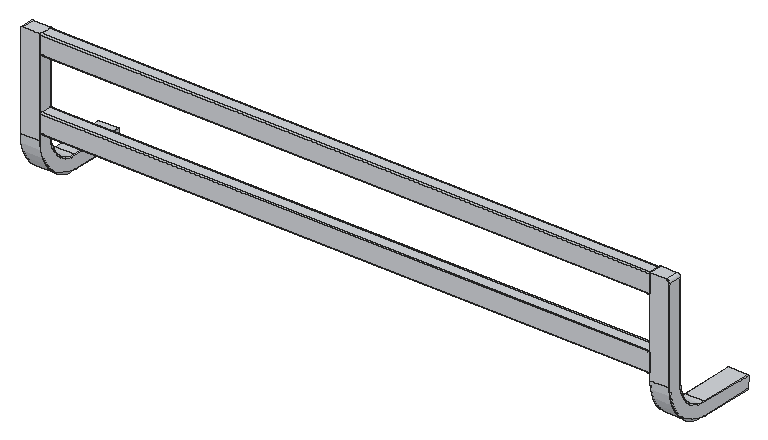
Revit family "Accessory-Towel_Bar-KOHLER-Loure-K-11582T_1", category Specialty Equipment, host Face, Revit 2021
Family settings
  Host = Face
  Round Connector Dimension = Use Diameter
  Part Type = Normal
  OmniClass Number = 23.31.25.25
  OmniClass Title = Towel Bars
  Cut with Voids When Loaded = No
  Shared = No
  Room Calculation Point = No
Parameters (values of type "CP-Polished Chrome")
  Width = 5 3/8"  # constant formula
  WaterSense Certified = 1 = 0  # no
  URL = "http://www.kohler.com.cn/"
  Type = 4
  Product Page URL = "http://www.kohler.com.cn/product/K-11582T-CP/K-11582T-CP/"
  Product Name = "Loure"  # constant formula
  Product Documentation Link = "https://files.kohler.com.cn/pdfs/loure_acc_ins.pdf"
  Model = if(Type = 1, "K-11582T-2BL", if(Type = 2, "K-11582T-BL", if(Type = 3, "K-11582T-BV", if(Type = 4, "K-11582T-CP", "NA"))))  # "K-11582T-CP"
  Material = "Premium Metal Construction"  # constant formula
  Master Format 2014 Name = "Toilet, Bath, and Laundry Accessories"  # constant formula
  Master Format 2014 = "10 28 00"  # constant formula
  Manufacturer Address = "Kohler Beijing Office (100016) 36-2-03-B, No. 88, Liuxiang Road, Beijing"  # constant formula
  Manufacturer = "Kohler Co."  # constant formula
  Length = 24 3/4"  # constant formula
  Height = 3 3/4"  # constant formula
  Finish = Kohler-Metal-CP-Polished_Chrome
  Environmental Product Declaration = ""
  Description = "24 Inch Double Towel Bar"  # constant formula
  Default Elevation = 42"
  Declare Label = ""
  Date Modified = "10/21/2022"  # constant formula
  Date Created = "06/08/2020"  # constant formula
  Copyright = "Copyright Kohler Co."  # constant formula
  Contact Us = "http://www.kohler.com.cn/contact/contact-us/"
  Assembly Code = "C1030200"
  ADA Compliant = 1 = 0  # no
Types (5): name | Type | Product Page URL | Model | Finish
  (no name) | 4 | "http://www.kohler.com.cn/product/K-11582T-CP/K-11582T-CP/" | "K-11582T-CP" | Kohler-Metal-CP-Polished_Chrome
  CP-Polished Chrome | 4 | "http://www.kohler.com.cn/product/K-11582T-CP/K-11582T-CP/" | "K-11582T-CP" | Kohler-Metal-CP-Polished_Chrome
  2BL-Black | 1 | "http://www.kohler.com.cn/product/K-11582T-CP/K-11582T-2BL/" | "K-11582T-2BL" | KOHLER-Metal-2BL-Black
  BL-Matte Black | 2 | "" | "K-11582T-BL" | Kohler-Metal-BL-Matte_Black
  BV-Brushed Bronze | 3 | "" | "K-11582T-BV" | Kohler-Metal-BV-Brushed_Bronze
Reference planes (in)
  plane 1 "Center (Front/Back)": y = 0
  plane 2: z = 0
  plane 3 "Center (Left/Right)": x = 0
  plane 4: x = -12
  plane 5: x = -11.60737
  plane 6: x = -12.37479
  plane 7: x = 12
  plane 8: x = 11.60737
  plane 9: x = 12.37521
  plane 10: y = 3.75
  plane 11: z = 5.375
  plane 12: z = 2.68012
  plane 13: z = 4.625
  plane 14: z = 1.93012
  plane 15: y = 0.5
Dimensions and locks (in)
  "Height": plane 1 "Center (Front/Back)" to plane 10
  plane 4 to plane 7 = 24"
  "Length": plane 6 to plane 9
  "Width": plane 11 to level
  aligned and locked: plane 2 to host face
  aligned and locked: level to host face
  aligned and locked: nested 1 to plane 10
  aligned and locked: plane 3 "Center (Left/Right)" to nested 1
Automatic sketch dimensions
  host sketch curve to host sketch curve = 96"  (x2)
Nested families (in)
  nested 1: "K-11582T" at (0, 0, 0), type "K-11582T"
Definition of nested family "K-11582T"
  Parameters (values of type "K-11582T")
    Material = none
    Length = 24.74958"
    Default Elevation = 0"
  Reference planes (in)
    plane 1 "Center (Front/Back)": y = 0
    plane 2: z = 0
    plane 3 "Center (Left/Right)": x = 0
    plane 4: z = 5.375
    plane 5: x = -12
    plane 6: x = 12
    plane 7: y = 3.75
    plane 8: x = -12.37479
    plane 9: x = 12.37479
    plane 10: x = -11.60737
    plane 11: x = 11.60737
    plane 12: z = 0.50394
  Forms (in)
    Sweep 1, solid, material <- "Material", detail levels medium+fine
      path origin (0, 0, 0) x (0, 1, 0) y (0, 0, 1)
        loop
          line (3.75, 0.25197) -> (1.69291, 0.25197)
          arc (1.69291, 0.25197) -> (0.67401, 0.67401) -> (0.25197, 1.69291) r 1.44094
          line (0.25197, 1.69291) -> (0.25197, 5.375)
      profile origin (0, 2.72146, 0.25197) x (0, 0, -1) y (1, 0, 0)
        loop
          line (-0.25195, -11.62817) -> (-0.25195, -12.35439)
          arc (-0.25195, -12.35439) -> (-0.24598, -12.36881) -> (-0.23155, -12.37479) r 0.0204
          line (-0.23155, -12.37479) -> (0.23138, -12.37479)
          arc (0.23138, -12.37479) -> (0.24594, -12.36876) -> (0.25197, -12.3542) r 0.02059
          line (0.25197, -12.3542) -> (0.25197, -11.6273)
          arc (0.25197, -11.6273) -> (0.24613, -11.61321) -> (0.23203, -11.60737) r 0.01994
          line (0.23203, -11.60737) -> (-0.23115, -11.60737)
          arc (-0.23115, -11.60737) -> (-0.24586, -11.61346) -> (-0.25195, -11.62817) r 0.0208
    Extrusion 2, void
      sketch origin (0.03793, 0, -0.0187) x (1, 0, 0) y (0, 0, 1)
        loop
          line (-12.29565, 5.3937) -> (-12.29565, 5.47754) -> (-12.52025, 5.47754) -> (-12.52025, 5.27663) -> (-12.41272, 5.27663)
          arc (-12.41272, 5.27663) -> (-12.37843, 5.35941) -> (-12.29565, 5.3937) r 0.11707
      from -0.5823 to 0.0472
    Sweep 3, solid, material <- "Material", detail levels medium+fine
      path origin (0, 0, 0) x (1, 0, 0) y (0, 1, 0)
        loop
          line (-11.60728, 0.25156) -> (11.60728, 0.25156)
      profile origin (0, 0.25156, 0) x (0, 1, 0) y (0, 0, 1)
        loop
          arc (0.21844, 4.625) -> (0.23965, 4.63379) -> (0.24844, 4.655) r 0.03
          line (0.24844, 4.655) -> (0.24844, 5.345)
          arc (0.24844, 5.345) -> (0.23965, 5.36621) -> (0.21844, 5.375) r 0.03
          line (0.21844, 5.375) -> (-0.22156, 5.375)
          arc (-0.22156, 5.375) -> (-0.24277, 5.36621) -> (-0.25156, 5.345) r 0.03
          line (-0.25156, 5.345) -> (-0.25156, 4.655)
          arc (-0.25156, 4.655) -> (-0.24277, 4.63379) -> (-0.22156, 4.625) r 0.03
          line (-0.22156, 4.625) -> (0.21844, 4.625)
    Sweep 4, solid, material <- "Material", detail levels medium+fine
      path origin (12.00437, 0, 0) x (0, 0, -1) y (0, -1, 0)
        loop
          line (-0.25197, -3.75) -> (-0.25197, -1.69291)
          arc (-0.25197, -1.69291) -> (-0.67401, -0.67401) -> (-1.69291, -0.25197) r 1.44094
          line (-1.69291, -0.25197) -> (-5.375, -0.25197)
      profile origin (12.00437, 2.72146, 0.25197) x (0, 0, -1) y (1, 0, 0)
        loop
          arc (-0.25197, -0.37668) -> (-0.24599, -0.3911) -> (-0.23157, -0.39708) r 0.0204
          line (-0.23157, -0.39708) -> (0.23209, -0.39708)
          arc (0.23209, -0.39708) -> (0.24613, -0.39126) -> (0.25195, -0.37722) r 0.01986
          line (0.25195, -0.37722) -> (0.25195, 0.35082)
          arc (0.25195, 0.35082) -> (0.24621, 0.36468) -> (0.23235, 0.37042) r 0.0196
          line (0.23235, 0.37042) -> (-0.2319, 0.37042)
          arc (-0.2319, 0.37042) -> (-0.24609, 0.36454) -> (-0.25197, 0.35035) r 0.02007
          line (-0.25197, 0.35035) -> (-0.25197, -0.37668)
    Extrusion 5, void
      sketch origin (-0.03793, 0, -0.0187) x (1, 0, 0) y (0, 0, 1)
        loop
          line (12.41272, 5.27608) -> (12.52138, 5.27608) -> (12.52138, 5.49718) -> (12.29509, 5.49718) -> (12.29509, 5.3937)
          arc (12.29509, 5.3937) -> (12.37827, 5.35925) -> (12.41272, 5.27608) r 0.11762
      from -0.60909 to 0.17111
    Sweep 6, solid, material <- "Material", detail levels medium+fine
      path origin (0, 0, -2.71358) x (1, 0, 0) y (0, 1, 0)
        loop
          line (-11.60728, 0.25156) -> (11.60728, 0.25156)
      profile origin (0, 0.25156, -2.71358) x (0, 1, 0) y (0, 0, 1)
        loop
          arc (0.21844, 4.6437) -> (0.23965, 4.65249) -> (0.24844, 4.6737) r 0.03
          line (0.24844, 4.6737) -> (0.24844, 5.3637)
          arc (0.24844, 5.3637) -> (0.23965, 5.38491) -> (0.21844, 5.3937) r 0.03
          line (0.21844, 5.3937) -> (-0.22156, 5.3937)
          arc (-0.22156, 5.3937) -> (-0.24277, 5.38491) -> (-0.25156, 5.3637) r 0.03
          line (-0.25156, 5.3637) -> (-0.25156, 4.6737)
          arc (-0.25156, 4.6737) -> (-0.24277, 4.65249) -> (-0.22156, 4.6437) r 0.03
          line (-0.22156, 4.6437) -> (0.21844, 4.6437)
    Sweep 7, solid, material <- "Material", detail levels coarse
      path origin (0, 0, 0) x (0, 1, 0) y (0, 0, 1)
        loop
          line (3.75, 0.25197) -> (0.25197, 0.25197) -> (0.25197, 5.375)
      profile origin (0, 2.00098, 0.25197) x (0, 0, -1) y (1, 0, 0)
        loop
          line (-0.25197, -12.37479) -> (0.25197, -12.37479) -> (0.25197, -11.60749) -> (-0.25197, -11.60749) -> (-0.25197, -12.37479)
        loop
          line (-0.25197, 11.60728) -> (0.25197, 11.60728) -> (0.25197, 12.37479) -> (-0.25197, 12.37479) -> (-0.25197, 11.60728)
    Sweep 8, solid, material <- "Material", detail levels coarse
      path origin (0, 0, 0) x (1, 0, 0) y (0, 1, 0)
        loop
          line (-11.60749, 0.25) -> (11.60728, 0.25)
      profile origin (-0.00011, 0.25, 0) x (0, 1, 0) y (0, 0, 1)
        loop
          line (-0.25, 2.68012) -> (-0.25, 1.93012) -> (0.25, 1.93012) -> (0.25, 2.68012) -> (-0.25, 2.68012)
        loop
          line (0.25, 4.625) -> (0.25, 5.375) -> (-0.25, 5.375) -> (-0.25, 4.625) -> (0.25, 4.625)
  Cuts and joins
    Extrusion 2 cuts Sweep 1
    Extrusion 5 cuts Sweep 4
    joined: Sweep 1, Sweep 4
    joined: Sweep 3, Sweep 6
    joined: Sweep 7, Sweep 8
  Lines and regions (in)
    Masking region 1
      outline origin (0, 0, 0) x (1, 0, 0) y (0, 0, 1)
        loop
          line (-12.37479, 5.25855) -> (-12.37479, 0) -> (-11.60749, 0) -> (-11.60749, 1.93012) -> (11.60728, 1.93012) -> (11.60728, 0) -> (12.37479, 0) -> (12.37479, 5.25855)
          arc (12.37479, 5.25855) -> (12.34068, 5.34089) -> (12.25834, 5.375) r 0.11645
          line (12.25834, 5.375) -> (-12.25834, 5.375)
          arc (-12.25834, 5.375) -> (-12.34068, 5.34089) -> (-12.37479, 5.25855) r 0.11645
        loop
          line (-11.60749, 2.68012) -> (11.60749, 2.68012) -> (11.60749, 4.625) -> (-11.60749, 4.625) -> (-11.60749, 2.68012)
    Masking region 2
      outline origin (0, 0, 0) x (0, 1, 0) y (0, 0, 1)
        loop
          line (3.75, 0) -> (3.75, 0.50394) -> (1.69192, 0.50394)
          arc (1.69192, 0.50394) -> (0.85189, 0.85189) -> (0.50394, 1.69192) r 1.18798
          line (0.50394, 1.69192) -> (0.50394, 5.375) -> (0, 5.375) -> (0, 1.69145)
          arc (0, 1.69145) -> (0.49541, 0.49541) -> (1.69145, 0) r 1.69145
          line (1.69145, 0) -> (3.75, 0)
    Masking region 3
      outline origin (0, 0, 0) x (1, 0, 0) y (0, 1, 0)
        loop
          line (-12.37479, 3.75) -> (-12.37479, 0.02128)
          arc (-12.37479, 0.02128) -> (-12.36856, 0.00623) -> (-12.35351, 0) r 0.02128
          line (-12.35351, 0) -> (12.3545, 0)
          arc (12.3545, 0) -> (12.36885, 0.00594) -> (12.37479, 0.02029) r 0.02029
          line (12.37479, 0.02029) -> (12.37479, 3.75) -> (11.60728, 3.75) -> (11.60728, 0.5) -> (-11.60737, 0.5) -> (-11.60737, 3.75) -> (-12.37479, 3.75)
    symbolic lines, detail levels medium+fine
      curve 1: line (-11.60749, 0, 1.93012) -> (-11.60749, 0, 2.68012)
      curve 2: arc (-11.62769, 0.50394, 0) -> (-11.6134, 0.49802, 0) -> (-11.60747, 0.48372, 0) r 0.02022
      curve 3: line (11.62813, 0.50394, 0) -> (12.35384, 0.50394, 0)
      curve 4: arc (11.62813, 0.50394, 0) -> (11.61339, 0.49783, 0) -> (11.60728, 0.48309, 0) r 0.02084
      curve 5: arc (11.60728, 0.02002, 0) -> (11.61315, 0.00587, 0) -> (11.62731, 0, 0) r 0.02002
      curve 6: line (-11.62769, 0.50394, 0) -> (-12.35423, 0.50394, 0)
      curve 7: line (-11.60747, 0.01788, 0) -> (-11.60747, 0.5001, 0)
      curve 8: arc (-12.37479, 0.48352, 0) -> (-12.36881, 0.49795, 0) -> (-12.35439, 0.50392, 0) r 0.0204
      curve 9: arc (12.35472, 0.50394, 0) -> (12.36891, 0.49806, 0) -> (12.37479, 0.48387, 0) r 0.02007
      curve 10: arc (-11.60747, 0.01788, 0) -> (-11.61395, 0.00513, 0) -> (-11.6273, 0, 0) r 0.01994
      curve 11: line (11.60728, 0.5, 0) -> (11.60728, 0.02002, 0)
      curve 12: line (11.60749, 0, 1.93012) -> (11.60749, 0, 2.68012)
      curve 13: line (-11.60749, 0, 4.625) -> (-11.60749, 0, 5.375)
      curve 14: line (11.60749, 0, 4.625) -> (11.60749, 0, 5.375)
  Dimensions and locks (in)
    plane 4 to plane 2 = 5 3/8"
    plane 7 to plane 1 "Center (Front/Back)" = 3 3/4"
    equal spacing: plane 9, plane 3 "Center (Left/Right)", plane 8
    "Length": plane 9 to plane 8
    equal spacing: plane 5, plane 3 "Center (Left/Right)", plane 6
    plane 5 to plane 6 = 24"
    aligned and locked: plane 2 to level
  Automatic sketch dimensions
    plane 4 to Sweep 1 sketch curve = 0"
    Sweep 1 sketch curve to plane 7 = 0"
    level to Sweep 1 sketch curve = 0.25197"
    Sweep 1 sketch curve to plane 1 "Center (Front/Back)" = 1.69291"
    Sweep 1 sketch curve to plane 1 "Center (Front/Back)" = 0.25197"
    Extrusion 2 sketch curve to plane 4 = 0"
    Extrusion 2 sketch curve to plane 8 = 0.10753"
    Extrusion 2 sketch curve to plane 8 = 0"
    plane 8 to Extrusion 2 sketch curve = 0.11707"
    Extrusion 2 sketch curve to plane 4 = 0.08384"
    profile plane to Sweep 3 sketch curve = 0.25156"
    Sweep 3 sketch curve to Sweep 3 sketch curve = 0.03"  (x3)
    Sweep 3 sketch curve to profile plane = 0.21844"  (x2)
    level to Sweep 3 sketch curve = 4 5/8"
    Sweep 3 sketch curve to Sweep 3 sketch curve = 0.69"
    plane 4 to Sweep 4 sketch curve = 0"
    Sweep 4 sketch curve to plane 7 = 0"
    Sweep 4 sketch curve to level = 1.69291"
    Sweep 4 sketch curve to level = 0.25197"
    plane 1 "Center (Front/Back)" to Sweep 4 sketch curve = 1.69291"
    Extrusion 5 sketch curve to plane 4 = 0"
    plane 9 to Extrusion 5 sketch curve = 0.11762"
    Extrusion 5 sketch curve to plane 9 = 0"
    Extrusion 5 sketch curve to Extrusion 5 sketch curve = 0.10866"
    Extrusion 5 sketch curve to plane 4 = 0.10348"
    profile plane to Sweep 6 sketch curve = 0.25156"
    Sweep 6 sketch curve to Sweep 6 sketch curve = 0.03"  (x3)
    Sweep 6 sketch curve to profile plane = 0.21844"  (x2)
    profile plane to Sweep 6 sketch curve = 4.6437"
    Sweep 6 sketch curve to Sweep 6 sketch curve = 0.69"
    Masking region 1 sketch curve to level = 0"  (x2)
    Masking region 1 sketch curve to plane 8 = 0"
    Masking region 1 sketch curve to plane 5 = 0.39251"
    Masking region 1 sketch curve to plane 6 = 0.39272"
    Masking region 1 sketch curve to Masking region 1 sketch curve = 0.11645"
    Masking region 1 sketch curve to Masking region 1 sketch curve = 1.93012"
    Masking region 2 sketch curve to plane 1 "Center (Front/Back)" = 0"
    plane 4 to Masking region 2 sketch curve = 0"
    Masking region 2 sketch curve to level = 0"
    Masking region 2 sketch curve to plane 7 = 0"
    Masking region 2 sketch curve to Masking region 2 sketch curve = 0.50394"
    Masking region 2 sketch curve to Masking region 2 sketch curve = 1 3/16"
    Masking region 2 sketch curve to Masking region 2 sketch curve = 0.00047"
    level to Masking region 2 sketch curve = 0.50394"
    Sweep 3 sketch curve to plane 5 = 0.39272"
    Sweep 3 sketch curve to plane 1 "Center (Front/Back)" = 0.25156"
    Sweep 3 sketch curve to plane 6 = 0.39272"
    Sweep 6 sketch curve to plane 5 = 0.39272"
    Sweep 6 sketch curve to plane 1 "Center (Front/Back)" = 0.25156"
    Sweep 6 sketch curve to plane 6 = 0.39272"
    plane 4 to Sweep 7 sketch curve = 0"
    Sweep 7 sketch curve to plane 7 = 0"
    Sweep 7 sketch curve to plane 1 "Center (Front/Back)" = 0.25197"
    profile plane to Sweep 7 sketch curve = 0.25197"  (x2)
    Sweep 7 sketch curve to profile plane = 0.25197"  (x2)
    Sweep 7 sketch curve to Sweep 7 sketch curve = 0.76729"
    plane 3 "Center (Left/Right)" to Sweep 7 sketch curve = 11.60728"
    plane 9 to Masking region 1 sketch curve = 0"
    Masking region 1 sketch curve to plane 4 = 0"
    plane 8 to Masking region 1 sketch curve = 0.11645"
    profile plane to Sweep 4 sketch curve = 0.25197"
    Sweep 4 sketch curve to Sweep 4 sketch curve = 0.02007"
    Sweep 4 sketch curve to Sweep 4 sketch curve = 0.0204"
    Sweep 4 sketch curve to profile plane = 0.23209"
    Sweep 4 sketch curve to profile plane = 0.23235"
    Sweep 4 sketch curve to Sweep 4 sketch curve = 0.01986"
    Sweep 4 sketch curve to profile plane = 0.39708"
    profile plane to Sweep 4 sketch curve = 0.35035"
    profile plane to Sweep 8 sketch curve = 1/4"  (x2)
    Sweep 8 sketch curve to profile plane = 1/4"  (x2)
    level to Sweep 8 sketch curve = 1.93012"
    Sweep 8 sketch curve to Sweep 8 sketch curve = 3/4"  (x2)
    Sweep 8 sketch curve to Sweep 8 sketch curve = 1.94488"
    profile plane to Sweep 1 sketch curve = 0.25195"
    Sweep 1 sketch curve to Sweep 1 sketch curve = 0.0204"
    Sweep 1 sketch curve to Sweep 1 sketch curve = 0.0208"
    Sweep 1 sketch curve to profile plane = 0.23138"
    Sweep 1 sketch curve to profile plane = 0.23203"
    Sweep 1 sketch curve to Sweep 1 sketch curve = 0.01994"
    Sweep 1 sketch curve to plane 3 "Center (Left/Right)" = 12.37479"
    Sweep 1 sketch curve to Sweep 1 sketch curve = 0.72622"
    Sweep 7 sketch curve to Sweep 7 sketch curve = 0.76751"
    Sweep 7 sketch curve to plane 3 "Center (Left/Right)" = 11.60749"
    Masking region 3 sketch curve to plane 8 = 0"
    plane 1 "Center (Front/Back)" to Masking region 3 sketch curve = 0"
    Masking region 3 sketch curve to plane 7 = 0"  (x2)
    Masking region 3 sketch curve to plane 9 = 0"
    Masking region 3 sketch curve to plane 1 "Center (Front/Back)" = 0.02128"
    Masking region 3 sketch curve to plane 5 = 0.39263"
    Masking region 3 sketch curve to plane 6 = 0.39272"
    Masking region 3 sketch curve to plane 1 "Center (Front/Back)" = 0.02029"
    Masking region 3 sketch curve to plane 1 "Center (Front/Back)" = 1/2"
    Sweep 8 sketch curve to plane 5 = 0.39251"
    Sweep 8 sketch curve to plane 1 "Center (Front/Back)" = 1/4"
    Sweep 8 sketch curve to plane 6 = 0.39272"
    curve 13 to plane 4 = 0"
    curve 14 to plane 4 = 0"
    curve 13 to plane 5 = 0.39251"
    curve 8 to plane 8 = 0"
    plane 1 "Center (Front/Back)" to curve 10 = 0"
    plane 1 "Center (Front/Back)" to curve 5 = 0"
    curve 9 to plane 9 = 0"
    curve 8 to curve 8 = 0.0204"
    curve 6 to plane 5 = 0.37231"
    curve 10 to plane 1 "Center (Front/Back)" = 0.01994"
    curve 10 to plane 5 = 0.3727"
    curve 7 to plane 1 "Center (Front/Back)" = 0.01788"
    curve 11 to plane 1 "Center (Front/Back)" = 0.02002"
    curve 11 to plane 6 = 0.39272"
    curve 4 to curve 4 = 0.02084"
    plane 9 to curve 9 = 0.02007"
    curve 5 to curve 4 = 0.46307"
    curve 8 to plane 1 "Center (Front/Back)" = 0.48352"
    curve 10 to curve 2 = 0.46378"
    curve 9 to curve 3 = 0.02007"
    curve 8 to curve 6 = 0.00016"
    curve 3 to curve 9 = 0.00088"
    curve 4 to curve 11 = 0.01691"
    curve 2 to curve 7 = 0.01638"
    level to Sweep 7 sketch curve = 0.25197"
    Masking region 1 sketch curve to plane 11 = 0.00013"
    Masking region 1 sketch curve to Masking region 1 sketch curve = 3/4"
    plane 4 to Masking region 1 sketch curve = 3/4"
    Masking region 1 sketch curve to plane 10 = 0.00013"
    curve 1 to plane 10 = 0.00013"
    curve 14 to plane 11 = 0.00013"
    curve 14 to curve 14 = 3/4"
    curve 12 to plane 11 = 0.00013"
    plane 12 to curve 1 = 2.17618"
    curve 12 to curve 14 = 1.94488"
    curve 1 to curve 1 = 3/4"
    curve 12 to curve 12 = 3/4"
    curve 13 to curve 13 = 3/4"
